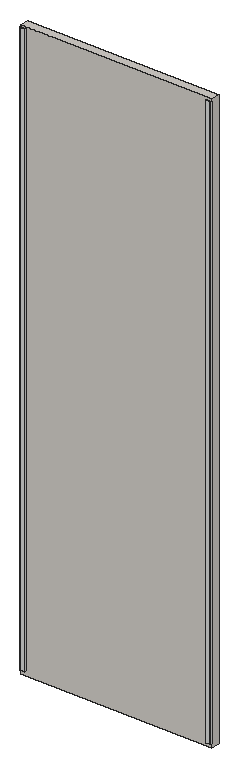
Revit family "Work_Tools-Teknion-AFWT_Focus_Wall_Tackboard-R2019", category Furniture, Revit 2019
Family settings
  OmniClass Number = 23.40.20.00
  OmniClass Title = General Furniture and Specialties
  Work Plane-Based = No
  Always vertical = Yes
  Cut with Voids When Loaded = No
  Shared = Yes
  Room Calculation Point = No
Parameters (values of type "42" Height")
  Width [instance] = 12.000"
  Warranty = "http://www.teknion.com/ca/papers/legal-canada"
  Upholstery Finish [instance] = Fabric-Teknion-LP11-Intone-Ash
  Unit Weight URL = "http://www.teknion.com/ca/tools/assets#&asset=bee6a381-b954-425e-8283-5a2de3a804f2,f828d448-4b62-4231-9e5f-9a8991c0ed77"
  URL = "www.teknion.com"
  Two Panel [instance] = and(50.000" < Width, Width < 100.000")  # no
  To render please download texture images found here [instance] = "https://assets.teknion.com/web/5e81352c1dfdb467/revit-material-swatches/"
  Three Panel [instance] = and(100.000" < Width, Width < 149.000")  # no
  Sustainability Data = "https://www.teknion.com/ca/tools/assets#&topic=216f99a5-57a0-44fc-b10a-9dee9b29ae4c&asset=444deb64-fe58-4b68-981e-f75e97781df7,b4ff2d81-9f2e-437d-9659-7cffb09c31cf"
  Series = "Tables & Collaborative Spaces"  # constant formula
  Right End Linking Strip [instance] = yes
  Product Page URL = "https://www.teknion.com/ca/products/product-details?productLineId=0191336e-8e7a-673b-a6c8-ff00004460c4"
  Product Line = "Tables & Collaborative Spaces"  # constant formula
  Product Documentation Link = "https://www.teknion.com/pricing/tables/pdfs/AFWT_ppg.pdf"
  Part Number = "AFWT"  # constant formula
  One Panel [instance] = Width < 50.000"  # yes
  Model = "AFWT42___"
  Manufacturer Phone = "416-661-3370"  # constant formula
  Manufacturer Fax = "416.661.4586"  # constant formula
  Manufacturer Contact Information = "http://www.teknion.com/ca/contactus"
  Manufacturer Address = "1150 Flint Road, Toronto, ON. M3J 2J5. Canada"  # constant formula
  Manufacturer = "Teknion"  # constant formula
  Left End Linking Strip [instance] = yes
  How To Use Teknion Materials User Guide [instance] = "https://assets.teknion.com/m/205dd0a49fa58060/original/How-to-add-a-Material-Library-and-Texture-Images-to-your-Revit-project.pdf"
  Height = 69.61614"
  Four Panel [instance] = and(149.000" < Width, Width < 195.000")  # no
  For Additional Finishes please visit [instance] = "https://assets.teknion.com/m/44a8009b046e5d47/original/Teknion_Materials_Library.zip"
  Five Panel [instance] = 195.000" < Width  # no
  Description = "Focus Wall Tackboard, 42\" Height"
  Connection Node Visibility [instance] = yes
  Available Heights [instance] = "12\", 18\", 24\", 30\", 36\", 42\", 48\", 54\", 60\", 66\", 72\", 78\", 84\", 90\", 96\", 102\", 108\", 114\", 120\", 126\", 132\", 138\", 144\", 150\", 156\", 162\", 168\", 174\", 180\", 186\", 192\", 198\", 204\", 210\", 216\", 222\", 228\", 234\", or 240\""  # constant formula
  Assembly Code = "E2020200"
Types (3): name | Model | Height | Description
  (no name) | "AFWT42___" | 69.61614" | "Focus Wall Tackboard, 42\" Height"
  42" Height | "AFWT42___" | 69.61614" | "Focus Wall Tackboard, 42\" Height"
  48" Height | "AFWT48___" | 75.616" | "Focus Wall Tackboard, 48\" Height"
Reference planes (in)
  plane 1 "Center Front/Back": y = 0.0495
  plane 2: z = 0
  plane 3 "Center Left/Right": x = 0
  plane 4 "Left": x = -6
  plane 5 "Right": x = 6
  plane 6 "Back": y = 0.9255
  plane 7 "Front": y = -0.8265
  plane 8 "Top": z = 69.61614
Forms (in)
  Sweep 1, solid, material "Metal - Teknion - AC - Clear Anodized", visible <- "Left End Linking Strip"
    path origin (0, 0.0495, 0) x (1, 0, 0) y (0, 0, 1)
      loop
        line (0, 33.2559) -> (0, 69.49409)
    profile origin (0, 0.0495, 51.375) x (-1, 0, 0) y (0, -1, 0)
      loop
        line (5.69488, 0.79749) -> (6, 0.79749) -> (6, 0.85654) -> (5.97047, 0.87623) -> (5.69488, 0.87623) -> (5.69488, 0.79749)
  Sweep 2, solid, material "Metal - Teknion - AC - Clear Anodized", visible <- "Right End Linking Strip"
    path origin (0, 0.0495, 0) x (1, 0, 0) y (0, 0, 1)
      loop
        line (0, 69.49409) -> (0, 33.2559)
    profile origin (0, 0.0495, 51.375) x (0, -1, 0) y (1, 0, 0)
      loop
        line (0.85654, 6) -> (0.79749, 6) -> (0.79749, 5.69488) -> (0.87623, 5.69488) -> (0.87623, 5.97047) -> (0.85654, 6)
  Sweep 3, solid, material "Fabric-Teknion-LP11-Intone-Ash" <- "Upholstery Finish"
    path origin (0, 0.0495, 0) x (1, 0, 0) y (0, 0, 1)
      loop
        line (0, 33) -> (0, 69.61614)
    profile origin (0, 0.0495, 51.30807) x (-1, 0, 0) y (0, -1, 0)
      loop
        line (6, 0.253) -> (6, 0.79749) -> (-6, 0.79749) -> (-6, 0.253) -> (6, 0.253)
  Sweep 4, solid, material "Metal - Teknion - AC - Clear Anodized", visible <- "Two Panel"
    path origin (0, 0.0495, 0) x (1, 0, 0) y (0, 0, 1)
      loop
        line (0, 69.49409) -> (0, 33.2559)
    profile origin (0, 0.0495, 51.375) x (0, -1, 0) y (1, 0, 0)
      loop
        line (0.79749, 0.305) -> (0.79749, -0.30524) -> (0.876, -0.30524) -> (0.876, -0.02919) -> (0.85654, 0) -> (0.876, 0.02919) -> (0.876, 0.305) -> (0.79749, 0.305)
  Sweep 5, solid, material "Metal - Teknion - AC - Clear Anodized", visible <- "Three Panel"
    path origin (0, 0.0495, 0) x (1, 0, 0) y (0, 0, 1)
      loop
        line (0, 33.2559) -> (0, 69.49409)
    profile origin (0, 0.0495, 51.375) x (-1, 0, 0) y (0, -1, 0)
      loop
        line (23.695, 0.79749) -> (24.30524, 0.79749) -> (24.30524, 0.876) -> (24.02919, 0.876) -> (24, 0.85654) -> (23.97081, 0.876) -> (23.695, 0.876) -> (23.695, 0.79749)
      loop
        line (-24.305, 0.79749) -> (-23.69476, 0.79749) -> (-23.69476, 0.876) -> (-23.97081, 0.876) -> (-24, 0.85654) -> (-24.02919, 0.876) -> (-24.305, 0.876) -> (-24.305, 0.79749)
  Sweep 6, solid, material "Metal - Teknion - AC - Clear Anodized", visible <- "Four Panel"
    path origin (0, 0.0495, 0) x (1, 0, 0) y (0, 0, 1)
      loop
        line (0, 33.2559) -> (0, 69.49409)
    profile origin (0, 0.0495, 51.375) x (-1, 0, 0) y (0, -1, 0)
      loop
        line (-0.305, 0.79749) -> (0.30524, 0.79749) -> (0.30524, 0.876) -> (0.02919, 0.876) -> (0, 0.85654) -> (-0.02919, 0.876) -> (-0.305, 0.876) -> (-0.305, 0.79749)
      loop
        line (-48.305, 0.79749) -> (-47.69476, 0.79749) -> (-47.69476, 0.876) -> (-47.97081, 0.876) -> (-48, 0.85654) -> (-48.02919, 0.876) -> (-48.305, 0.876) -> (-48.305, 0.79749)
      loop
        line (47.695, 0.79749) -> (48.30524, 0.79749) -> (48.30524, 0.876) -> (48.02919, 0.876) -> (48, 0.85654) -> (47.97081, 0.876) -> (47.695, 0.876) -> (47.695, 0.79749)
  Sweep 7, solid, material "Metal - Teknion - AC - Clear Anodized", visible <- "Five Panel"
    path origin (0, 0.0495, 0) x (1, 0, 0) y (0, 0, 1)
      loop
        line (0, 33.2559) -> (0, 69.49409)
    profile origin (0, 0.0495, 51.375) x (-1, 0, 0) y (0, -1, 0)
      loop
        line (-24.305, 0.79749) -> (-23.69476, 0.79749) -> (-23.69476, 0.876) -> (-23.97081, 0.876) -> (-24, 0.85654) -> (-24.02919, 0.876) -> (-24.305, 0.876) -> (-24.305, 0.79749)
      loop
        line (23.695, 0.79749) -> (24.30524, 0.79749) -> (24.30524, 0.876) -> (24.02919, 0.876) -> (24, 0.85654) -> (23.97081, 0.876) -> (23.695, 0.876) -> (23.695, 0.79749)
      loop
        line (-72.305, 0.79749) -> (-71.69476, 0.79749) -> (-71.69476, 0.876) -> (-71.97081, 0.876) -> (-72, 0.85654) -> (-72.02919, 0.876) -> (-72.305, 0.876) -> (-72.305, 0.79749)
      loop
        line (71.695, 0.79749) -> (72.30524, 0.79749) -> (72.30524, 0.876) -> (72.02919, 0.876) -> (72, 0.85654) -> (71.97081, 0.876) -> (71.695, 0.876) -> (71.695, 0.79749)
Lines and regions (in)
  Masking region 1
    outline origin (0, 0, 0) x (1, 0, 0) y (0, 1, 0)
      loop
        line (6, -0.2035) -> (-6, -0.2035) -> (-6, -0.74799) -> (6, -0.74799) -> (6, -0.2035)
  Masking region 2, visible <- "Left End Linking Strip"
    outline origin (0, 0, 0) x (1, 0, 0) y (0, 1, 0)
      loop
        line (-5.69488, -0.8265) -> (-5.69488, -0.74799) -> (-6, -0.74799) -> (-6, -0.80704) -> (-5.97081, -0.8265) -> (-5.69488, -0.8265)
  Masking region 3, visible <- "Right End Linking Strip"
    outline origin (0, 0, 0) x (1, 0, 0) y (0, 1, 0)
      loop
        line (5.69488, -0.74799) -> (5.69488, -0.82673) -> (5.97047, -0.82673) -> (6, -0.80704) -> (6, -0.74799) -> (5.69488, -0.74799)
  Masking region 4, visible <- "Five Panel"
    outline origin (0, 0, 0) x (1, 0, 0) y (0, 1, 0)
      loop
        line (-71.695, -0.74799) -> (-72.30524, -0.74799) -> (-72.30524, -0.8265) -> (-72.02919, -0.8265) -> (-72, -0.80704) -> (-71.97081, -0.8265) -> (-71.695, -0.8265) -> (-71.695, -0.74799)
      loop
        line (-23.695, -0.74799) -> (-24.30524, -0.74799) -> (-24.30524, -0.8265) -> (-24.02919, -0.8265) -> (-24, -0.80704) -> (-23.97081, -0.8265) -> (-23.695, -0.8265) -> (-23.695, -0.74799)
      loop
        line (24.305, -0.74799) -> (23.69476, -0.74799) -> (23.69476, -0.8265) -> (23.97081, -0.8265) -> (24, -0.80704) -> (24.02919, -0.8265) -> (24.305, -0.8265) -> (24.305, -0.74799)
      loop
        line (72.305, -0.74799) -> (71.69476, -0.74799) -> (71.69476, -0.8265) -> (71.97081, -0.8265) -> (72, -0.80704) -> (72.02919, -0.8265) -> (72.305, -0.8265) -> (72.305, -0.74799)
  Masking region 5, visible <- "Four Panel"
    outline origin (0, 0, 0) x (1, 0, 0) y (0, 1, 0)
      loop
        line (-47.695, -0.74799) -> (-48.30524, -0.74799) -> (-48.30524, -0.8265) -> (-48.02919, -0.8265) -> (-48, -0.80704) -> (-47.97081, -0.8265) -> (-47.695, -0.8265) -> (-47.695, -0.74799)
      loop
        line (0.305, -0.74799) -> (-0.30524, -0.74799) -> (-0.30524, -0.8265) -> (-0.02919, -0.8265) -> (0, -0.80704) -> (0.02919, -0.8265) -> (0.305, -0.8265) -> (0.305, -0.74799)
      loop
        line (48.305, -0.74799) -> (47.69476, -0.74799) -> (47.69476, -0.8265) -> (47.97081, -0.8265) -> (48, -0.80704) -> (48.02919, -0.8265) -> (48.305, -0.8265) -> (48.305, -0.74799)
  Masking region 6, visible <- "Three Panel"
    outline origin (0, 0, 0) x (1, 0, 0) y (0, 1, 0)
      loop
        line (-23.695, -0.74799) -> (-24.30524, -0.74799) -> (-24.30524, -0.8265) -> (-24.02919, -0.8265) -> (-24, -0.80704) -> (-23.97081, -0.8265) -> (-23.695, -0.8265) -> (-23.695, -0.74799)
      loop
        line (24.305, -0.74799) -> (23.69476, -0.74799) -> (23.69476, -0.8265) -> (23.97081, -0.8265) -> (24, -0.80704) -> (24.02919, -0.8265) -> (24.305, -0.8265) -> (24.305, -0.74799)
  Masking region 7, visible <- "Two Panel"
    outline origin (0, 0, 0) x (1, 0, 0) y (0, 1, 0)
      loop
        line (-0.30524, -0.8265) -> (-0.02919, -0.8265) -> (0, -0.80704) -> (0.02919, -0.8265) -> (0.305, -0.8265) -> (0.305, -0.74799) -> (-0.30524, -0.74799) -> (-0.30524, -0.8265)
  reference lines
    curve 1: line (-6, 0.9255, 0) -> (-6, -0.8265, 0)
    curve 2: line (6, 0.9255, 0) -> (6, -0.8265, 0)
Dimensions and locks (in)
  "Width": plane 4 "Left" to plane 5 "Right"
  locked: plane 6 "Back" to plane 7 "Front" at 1.752
  "Height": plane 8 "Top" to level
  equal spacing: plane 6 "Back", plane 1 "Center Front/Back", plane 7 "Front"
  equal spacing: plane 4 "Left", plane 3 "Center Left/Right", plane 5 "Right"
  locked: plane 8 "Top" to Sweep 1 sketch curve at 0.12205
  locked: Sweep 1 sketch curve to level at 33.2559
  plane 4 "Left" to Sweep 1 sketch curve to Sweep 1 sketch curve to Sweep 1 sketch curve = 0.000" locked, 0.02953" locked, 0.27559" locked
  Sweep 1 sketch curve to plane 7 "Front" to Sweep 1 sketch curve to Sweep 1 sketch curve = 0.00023" locked, 0.01946" locked, 0.05906" locked
  locked: plane 8 "Top" to Sweep 2 sketch curve at 0.12205
  locked: Sweep 2 sketch curve to level at 33.2559
  Sweep 2 sketch curve to Sweep 2 sketch curve to plane 5 "Right" to Sweep 2 sketch curve = 0.27559" locked, 0.02953" locked, 0.000" locked
  Sweep 2 sketch curve to plane 7 "Front" to Sweep 2 sketch curve to Sweep 2 sketch curve = 0.00023" locked, 0.01946" locked, 0.05906" locked
  locked: Sweep 3 sketch curve to level at 33
  plane 7 "Front" to Sweep 3 sketch curve to Sweep 3 sketch curve = 0.07851" locked, 0.54449" locked
  locked: Sweep 4 sketch curve to level at 33.2559
  locked: plane 8 "Top" to Sweep 4 sketch curve at 0.12205
  Sweep 4 sketch curve to Sweep 4 sketch curve to Sweep 4 sketch curve to plane 3 "Center Left/Right" to Sweep 4 sketch curve to Sweep 4 sketch curve = 0.27605" locked, 0.02919" locked, 0.000" locked, 0.02919" locked, 0.27581" locked
  plane 7 "Front" to Sweep 4 sketch curve to Sweep 4 sketch curve to Sweep 4 sketch curve to Sweep 4 sketch curve = 0.000" locked, 0.000" locked, 0.01946" locked, 0.05906" locked
  locked: plane 8 "Top" to Sweep 5 sketch curve at 0.12205
  locked: Sweep 5 sketch curve to level at 33.2559
  Sweep 5 sketch curve to Sweep 5 sketch curve to Sweep 5 sketch curve to Sweep 5 sketch curve to Sweep 5 sketch curve to plane 3 "Center Left/Right" = 0.27605" locked, 0.02919" locked, 0.02919" locked, 0.27581" locked, 23.695" locked
  Sweep 5 sketch curve to Sweep 5 sketch curve to plane 7 "Front" to Sweep 5 sketch curve to Sweep 5 sketch curve = 0.000" locked, 0.000" locked, 0.01946" locked, 0.05906" locked  (x2)
  plane 3 "Center Left/Right" to Sweep 5 sketch curve to Sweep 5 sketch curve to Sweep 5 sketch curve to Sweep 5 sketch curve to Sweep 5 sketch curve = 23.69476" locked, 0.27605" locked, 0.02919" locked, 0.02919" locked, 0.27581" locked
  locked: plane 8 "Top" to Sweep 6 sketch curve at 0.12205
  locked: Sweep 6 sketch curve to level at 33.2559
  Sweep 6 sketch curve to Sweep 6 sketch curve to Sweep 6 sketch curve to plane 3 "Center Left/Right" to Sweep 6 sketch curve to Sweep 6 sketch curve = 0.27605" locked, 0.02919" locked, 0.000" locked, 0.02919" locked, 0.27581" locked
  Sweep 6 sketch curve to Sweep 6 sketch curve to plane 7 "Front" to Sweep 6 sketch curve to Sweep 6 sketch curve = 0.000" locked, 0.000" locked, 0.01946" locked, 0.05906" locked  (x3)
  plane 3 "Center Left/Right" to Sweep 6 sketch curve to Sweep 6 sketch curve to Sweep 6 sketch curve to Sweep 6 sketch curve to Sweep 6 sketch curve = 47.69476" locked, 0.27605" locked, 0.02919" locked, 0.02919" locked, 0.27581" locked
  Sweep 6 sketch curve to Sweep 6 sketch curve to Sweep 6 sketch curve to Sweep 6 sketch curve to Sweep 6 sketch curve to plane 3 "Center Left/Right" = 0.27605" locked, 0.02919" locked, 0.02919" locked, 0.27581" locked, 47.695" locked
  locked: plane 8 "Top" to Sweep 7 sketch curve at 0.12205
  locked: Sweep 7 sketch curve to level at 33.2559
  plane 3 "Center Left/Right" to Sweep 7 sketch curve to Sweep 7 sketch curve to Sweep 7 sketch curve to Sweep 7 sketch curve to Sweep 7 sketch curve = 23.69476" locked, 0.27605" locked, 0.02919" locked, 0.02919" locked, 0.27581" locked
  Sweep 7 sketch curve to Sweep 7 sketch curve to plane 7 "Front" to Sweep 7 sketch curve to Sweep 7 sketch curve = 0.000" locked, 0.000" locked, 0.01946" locked, 0.05906" locked  (x4)
  Sweep 7 sketch curve to Sweep 7 sketch curve to Sweep 7 sketch curve to Sweep 7 sketch curve to Sweep 7 sketch curve to plane 3 "Center Left/Right" = 0.27605" locked, 0.02919" locked, 0.02919" locked, 0.27581" locked, 23.695" locked
  plane 3 "Center Left/Right" to Sweep 7 sketch curve to Sweep 7 sketch curve to Sweep 7 sketch curve to Sweep 7 sketch curve to Sweep 7 sketch curve = 71.69476" locked, 0.27605" locked, 0.02919" locked, 0.02919" locked, 0.27581" locked
  Sweep 7 sketch curve to Sweep 7 sketch curve to Sweep 7 sketch curve to Sweep 7 sketch curve to Sweep 7 sketch curve to plane 3 "Center Left/Right" = 0.27605" locked, 0.02919" locked, 0.02919" locked, 0.27581" locked, 71.695" locked
  Sweep 1 to Sweep 3 = 0.07874"
  aligned and locked: level to plane 2
  aligned and locked: nested 1 to plane 4 "Left"
  aligned and locked: nested 1 to plane 6 "Back"
  aligned and locked: nested 2 to plane 5 "Right"
  aligned and locked: nested 2 to plane 6 "Back"
  aligned and locked: plane 3 "Center Left/Right" to Sweep 1 sketch curve
  aligned and locked: Sweep 2 sketch curve to plane 3 "Center Left/Right"
  aligned and locked: plane 8 "Top" to Sweep 3 sketch curve
  aligned and locked: plane 3 "Center Left/Right" to Sweep 3 sketch curve
  aligned and locked: plane 4 "Left" to Sweep 3 sketch curve
  aligned and locked: plane 5 "Right" to Sweep 3 sketch curve
  aligned and locked: Sweep 4 sketch curve to plane 3 "Center Left/Right"
  aligned and locked: plane 3 "Center Left/Right" to Sweep 5 sketch curve
  aligned and locked: plane 3 "Center Left/Right" to Sweep 6 sketch curve
  aligned and locked: plane 3 "Center Left/Right" to Sweep 7 sketch curve
  aligned and locked: curve 1 to plane 4 "Left"
  aligned and locked: curve 2 to plane 5 "Right"
  aligned and locked: Masking region 1 sketch curve to Sweep 3  (x4)
  aligned and locked: Masking region 2 sketch curve to Sweep 1  (x3)
  aligned and locked: plane 7 "Front" to Masking region 2 sketch curve
  aligned and locked: Sweep 1 to Masking region 2 sketch curve
  aligned and locked: Masking region 3 sketch curve to Sweep 2  (x5)
  aligned and locked: Masking region 4 sketch curve to Sweep 7  (x28)
  aligned and locked: Masking region 5 sketch curve to Sweep 6  (x21)
  aligned and locked: Masking region 6 sketch curve to Sweep 5  (x14)
  aligned and locked: Masking region 7 sketch curve to Sweep 4  (x7)
Automatic sketch dimensions
  curve 1 to plane 7 "Front" = 0.000"
  curve 1 to plane 6 "Back" = 0.000"
  plane 7 "Front" to curve 2 = 0.000"
  curve 2 to plane 6 "Back" = 0.000"
  plane 7 "Front" to Masking region 5 sketch curve = 0.000"
Nested families (in)
  nested 1: "Teknion_2D_Node_Family-R2016" at (-6, 0.9255, 0), visible <- "Connection Node Visibility", type "Teknion_2D_Node_Family-R2016"
  nested 2: "Teknion_2D_Node_Family-R2016" at (6, 0.9255, 0), visible <- "Connection Node Visibility", type "Teknion_2D_Node_Family-R2016"
Definition of nested family "Teknion_2D_Node_Family-R2016"
  Reference planes (in)
    plane 1 "Center (Front/Back)": y = 0
    plane 2: z = 0
    plane 3 "Center (Left/Right)": x = 0
  Lines and regions (in)
    detail lines, in view "Ref. Level"
      curve 1: circle (0, 0, 0) r 1.25 normal (0, 0, 1)
      curve 2: line (1.91508, -1.91508, 0) -> (-1.91508, 1.91508, 0)
      curve 3: line (-1.91508, -1.91508, 0) -> (1.91508, 1.91508, 0)
